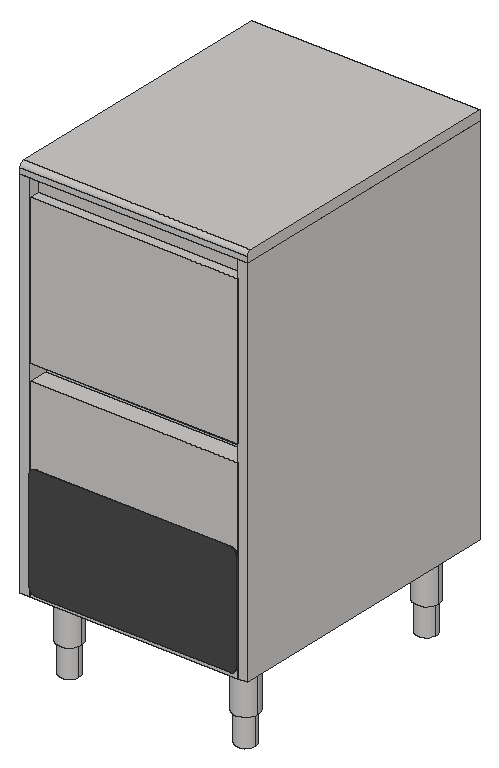
Revit family "QF_ELECTROLUXPROFESSIONAL_730332_ICC47I20SNP", category Attrezzature speciali, Revit 2018
Family settings
  Quota connettore circolare = Usa diametro
  Tipo di parte = Normale
  Basato su piano di lavoro = No
  Sempre verticale = Sì
  Taglio con vuoti quando caricato = No
  Condiviso = No
  Punto di calcolo locali = No
Parameters (values of type "Standard")
  Weight = 45.00 kg
  Watts = 0 W
  Volts = 220 V
  URL Manufacturer = "https://www.electroluxprofessional.com/"
  URL = "https://www.electroluxprofessional.com/"
  Steam Supply Size = 0 mm
  Steam Supply Minimum Pressure = 0.0 Pa
  Steam Supply Maximum Pressure = 0.0 Pa
  Steam Pounds per Hour = 0
  Show Logo [instance] = yes
  Show Clearance [instance] = yes
  Refrigeration Suction Line Size = 0 mm
  Refrigeration Liquid Line Size = 0 mm
  Refrigerant Compressor Remote = yes
  Produttore = "Electrolux Professional"
  Phase = 1
  Modello = "ICC47I20SNP"
  Length Actual = 465 mm  # constant formula
  Item Number = "730332"
  Hot Water Size = 0 mm
  Height Actual = 894 mm  # constant formula
  HP = "0 HP"
  Gas Size = 0 mm
  Gas KW = 0
  Gas Input Pressure = 0 W
  Descrizione = "WATER COOLED ICE CUBER 40GR 47KG/24H-BIN 20KG"
  Depth Actual = 595 mm  # constant formula
  Cycle = 50 Hz
  Condensate Return Size = 0 mm
  Compressed Air Volume = 0.0 L/s
  Compressed Air Size = 0 mm
  Compressed Air Pressure = 0.0 Pa
  Cold Water Size = 19.05 mm
  Accessory = yes
Reference planes
  plane 1 "Center X": y = 272.851
  plane 2: z = 0
  plane 3 "Center Y": x = -501.5
  plane 4 "LEFT": x = -734
  plane 5 "RIGHT": x = -269
  plane 6 "FRONT": y = -24.149
  plane 7 "BACK": y = 569.851
  plane 8: z = 155
  plane 9: z = 944
  plane 10: z = 924
  plane 11: x = -714
  plane 12: x = -289
  plane 13: y = 15.851
Forms (mm)
  Extrusion 1, solid, material "QF_Finishes_Black"
    sketch origin (-217.296, -24.149, 371.513) x (-1, 0, 0) y (0, 0, -1)
      loop
        arc (481.704, -21.487) -> (492.311, -17.093) -> (496.704, -6.487) r 15
        line (496.704, -6.487) -> (496.704, 194.469)
        arc (496.704, 194.469) -> (492.311, 205.075) -> (481.704, 209.469) r 15
        line (481.704, 209.469) -> (86.704, 209.469)
        arc (86.704, 209.469) -> (76.097, 205.075) -> (71.704, 194.469) r 15
        line (71.704, 194.469) -> (71.704, -6.487)
        arc (71.704, -6.487) -> (76.097, -17.093) -> (86.704, -21.487) r 15
        line (86.704, -21.487) -> (481.704, -21.487)
    from 0 to 2
  Extrusion 2, solid, material "QF_Finishes_Stainless Steel"
    sketch origin (-501.5, 0, 0) x (0, 1, 0) y (0, 0, 1)
      loop
        line (569.851, 924) -> (569.851, 944) -> (-14.149, 944)
        arc (-14.149, 944) -> (-21.22, 941.071) -> (-24.149, 934) r 10
        line (-24.149, 934) -> (-24.149, 924) -> (569.851, 924)
    from -232.5 to 232.5
  Extrusion 3, solid, material "QF_Finishes_Stainless Steel"
    sketch origin (-321.2, 569.851, -329.545) x (1, 0, 0) y (0, 0, -1)
      loop
        circle (-16.8, -655.545) r 10
    from 0 to 10
  Extrusion 4, solid, material "QF_Finishes_Stainless Steel"
    sketch origin (0, 0, 0) x (1, 0, 0) y (0, 1, 0)
      loop
        line (-734, 569.851) -> (-734, -24.149) -> (-714, -24.149) -> (-714, 569.851) -> (-734, 569.851)
    from 155 to 924
  Extrusion 5, solid, material "QF_Finishes_Stainless Steel"
    sketch origin (0, 0, 0) x (1, 0, 0) y (0, 1, 0)
      loop
        line (-289, 569.851) -> (-289, -24.149) -> (-269, -24.149) -> (-269, 569.851) -> (-289, 569.851)
    from 155 to 924
  Extrusion 6, solid, material "QF_Finishes_Stainless Steel"
    sketch origin (0, 0, 0) x (1, 0, 0) y (0, 1, 0)
      loop
        line (-714, 569.851) -> (-714, 15.851) -> (-289, 15.851) -> (-289, 569.851) -> (-714, 569.851)
    from 155 to 924
  Extrusion 7, solid, material "QF_Finishes_Stainless Steel"
    sketch origin (0, 0, 0) x (1, 0, 0) y (0, 1, 0)
      loop
        line (-714, -24.149) -> (-289, -24.149) -> (-289, 15.851) -> (-714, 15.851) -> (-714, -24.149)
    from 155 to 550.848
  Extrusion 8, solid, material "QF_Finishes_Stainless Steel"
    sketch origin (-501.5, 0, 0) x (0, 1, 0) y (0, 0, 1)
      loop
        line (15.851, 924) -> (-4.149, 924) -> (-4.149, 888) -> (-24.149, 888) -> (-24.149, 584.768) -> (-4.149, 584.768) -> (-4.149, 569) -> (15.851, 569) -> (15.851, 924)
    from -212.5 to 212.5
  Extrusion 9, solid, material "QF_Finishes_Stainless Steel"
    sketch origin (-303.2, 569.851, -440.545) x (1, 0, 0) y (0, 0, -1)
      loop
        circle (-16.8, -655.545) r 10
    from 0 to 10
  Extrusion 10, solid, material "QF_Finishes_Stainless Steel"
    sketch origin (-363.2, 569.851, -361.545) x (1, 0, 0) y (0, 0, -1)
      loop
        circle (-16.8, -655.545) r 10
    from 0 to 10
Lines and regions (mm)
  Split face 1
    outline origin (-501.5, -4.149, 924) x (0, 0, -1) y (1, 0, 0)
      loop
        line (5.715, 89.928) -> (30.715, 89.928) -> (30.715, 129.928) -> (5.715, 129.928) -> (5.715, 89.928)
  symbolic lines
    curve 1: line (-734, 569.851, 0) -> (-269, 569.851, 0)
    curve 2: line (-734, -24.149, 0) -> (-734, 569.851, 0)
    curve 3: line (-269, -24.149, 0) -> (-734, -24.149, 0)
    curve 4: line (-269, 569.851, 0) -> (-269, -24.149, 0)
Dimensions and locks
  equal spacing: plane 4 "LEFT", plane 3 "Center Y", plane 5 "RIGHT"
  plane 4 "LEFT" to plane 5 "RIGHT" = 465 mm
  equal spacing: plane 7 "BACK", plane 1 "Center X", plane 6 "FRONT"
  plane 7 "BACK" to plane 6 "FRONT" = 594 mm
  plane 8 to plane 2 = 155 mm
  plane 9 to plane 8 = 789 mm
  locked: plane 4 "LEFT" to plane 11 at 20
  locked: plane 12 to plane 5 "RIGHT" at 20
  locked: plane 9 to plane 10 at 20
  locked: plane 13 to plane 6 "FRONT" at 40
  aligned and locked: level to plane 2
  aligned and locked: plane 5 "RIGHT" to Extrusion 2
  aligned and locked: Extrusion 2 to plane 4 "LEFT"
  aligned and locked: Extrusion 4 sketch curve to Extrusion 2  (x2)
  aligned and locked: plane 6 "FRONT" to Extrusion 4 sketch curve
  aligned and locked: Extrusion 4 sketch curve to plane 11
  aligned and locked: Extrusion 5 sketch curve to plane 7 "BACK"
  aligned and locked: plane 12 to Extrusion 5 sketch curve
  aligned and locked: Extrusion 5 sketch curve to Extrusion 2  (x2)
  aligned and locked: plane 10 to Extrusion 4
  aligned and locked: plane 10 to Extrusion 5
  aligned and locked: Extrusion 4 to plane 8
  aligned and locked: Extrusion 5 to plane 8
  aligned and locked: Extrusion 6 sketch curve to Extrusion 4
  aligned and locked: Extrusion 4 to Extrusion 6 sketch curve
  aligned and locked: plane 13 to Extrusion 6 sketch curve
  aligned and locked: Extrusion 6 sketch curve to plane 12
  aligned and locked: plane 10 to Extrusion 6
  aligned and locked: Extrusion 6 to plane 8
  aligned and locked: Extrusion 4 to Extrusion 7 sketch curve
  aligned and locked: Extrusion 7 sketch curve to Extrusion 4
  aligned and locked: plane 13 to Extrusion 7 sketch curve
  aligned and locked: plane 12 to Extrusion 7 sketch curve
  aligned and locked: Extrusion 7 to plane 8
  aligned and locked: plane 12 to Extrusion 8
  aligned and locked: Extrusion 8 to plane 11
Automatic sketch dimensions
  curve 3 to plane 4 "LEFT" = 0 mm
  curve 3 to plane 5 "RIGHT" = 0 mm
  curve 3 to plane 6 "FRONT" = 0 mm
  curve 2 to plane 7 "BACK" = 0 mm
  Extrusion 1 sketch curve to plane 12 = 0 mm
  plane 8 to Extrusion 1 sketch curve = 7.044 mm
  Extrusion 1 sketch curve to Extrusion 1 sketch curve = 15 mm  (x3)
  plane 11 to Extrusion 1 sketch curve = 15 mm  (x2)
  Extrusion 1 sketch curve to Extrusion 1 sketch curve = 200.956 mm
  Extrusion 2 sketch curve to plane 6 "FRONT" = 0 mm
  Extrusion 2 sketch curve to plane 9 = 0 mm
  Extrusion 2 sketch curve to plane 7 "BACK" = 0 mm
  Extrusion 2 sketch curve to plane 10 = 0 mm
  plane 6 "FRONT" to Extrusion 2 sketch curve = 10 mm
  Extrusion 6 to Extrusion 3 sketch curve = 171 mm
  Extrusion 3 sketch curve to Extrusion 6 = 49 mm
  Extrusion 8 sketch curve to plane 6 "FRONT" = 0 mm
  Extrusion 8 sketch curve to plane 10 = 0 mm
  Extrusion 8 sketch curve to plane 13 = 0 mm
  plane 6 "FRONT" to Extrusion 8 sketch curve = 20 mm  (x2)
  Extrusion 8 sketch curve to plane 10 = 36 mm
  Extrusion 8 sketch curve to Extrusion 8 sketch curve = 303.232 mm
  Extrusion 8 sketch curve to Extrusion 8 sketch curve = 15.768 mm
  Split face 1 sketch curve to Extrusion 8 = 5.715 mm
  Extrusion 8 to Split face 1 sketch curve = 5.285 mm
  Split face 1 sketch curve to Extrusion 8 = 122.572 mm
  Split face 1 sketch curve to Split face 1 sketch curve = 40 mm
  Extrusion 9 sketch curve to Extrusion 6 = 31 mm
  Extrusion 6 to Extrusion 9 sketch curve = 60 mm
  Extrusion 10 sketch curve to Extrusion 6 = 91 mm
  Extrusion 6 to Extrusion 10 sketch curve = 139 mm
  radius of Extrusion 3 sketch curve = 10 mm
  radius of Extrusion 9 sketch curve = 10 mm
  radius of Extrusion 10 sketch curve = 10 mm
Nested families
  nested 1: "Foot_Complete" at (-682, 36.851, 0), type "Foot_Complete"
    with H 155 mm
  nested 2: "Foot_Complete" at (-321, 36.851, 0) x (-1, 0, 0) z (0, 0, 1), type "Foot_Complete"
    with H 155 mm
  nested 3: "Foot_Complete" at (-682, 498.851, 0), type "Foot_Complete"
    with H 155 mm
  nested 4: "Foot_Complete" at (-321, 498.851, 0) x (-1, 0, 0) z (0, 0, 1), type "Foot_Complete"
    with H 155 mm
Connectors
  electrical at (-320, 579.851, 215), driven by "Volts"
    settings: on Extrusion 9, index 1, voltage 220 V, apparent load 0 VA, apparent load phase1 0 VA, apparent load phase2 0 VA, apparent load phase3 0 VA, power factor 1, load classification "Altro", number of poles 1, system type 30, power factor state 1, is connector primary yes, connector utility no, sub classification motor no, connector description "Electrical Connection"
  piping at (-338, 579.851, 326), diameter 20
    settings: on Extrusion 3, index 2, connector inside diameter 609.6 mm, connector length 0 mm, flow factor 0, pipe flow 0.0 L/s, pressure drop 0.0 Pa, fitting loss kfactor 0, connector angle 0.00°, fixture units 0, engagement length 0 mm, angle of deflection 0.00°, flow configuration 0, flow direction 0, fitting loss method 0, system type 20, joint type 0, gender type 0, connector reference index -1, connector utility 0, adjustable connector no, is connector primary yes, connector description "Cold water"
  piping at (-380, 579.851, 294), diameter 20
    settings: on Extrusion 10, index 3, connector inside diameter 609.6 mm, connector length 0 mm, flow factor 0, pipe flow 0.0 L/s, pressure drop 0.0 Pa, fitting loss kfactor 0, connector angle 0.00°, fixture units 0, engagement length 0 mm, angle of deflection 0.00°, flow configuration 0, flow direction 0, fitting loss method 0, system type 16, joint type 0, gender type 0, connector reference index -1, connector utility 0, adjustable connector no, is connector primary no, connector description "Drain"
Definition of nested family "Foot_Complete"
  Parameters (values of type "Foot_Complete")
    R = 25 mm
    H = 153 mm
  Reference planes
    plane 1 "Centro (Fronte/Retro)": y = 0
    plane 2: z = 0
    plane 3 "Centro (Sinistra/Destra)": x = 0
    plane 4: z = 153
  Forms (mm)
    Revolve 1, solid
      sketch origin (255.05, 0, 608.09) x (0, 0, 1) y (-1, 0, 0)
        loop
          line (-608.09, 255.05) -> (-608.09, 235.05) -> (-548.09, 235.05) -> (-548.09, 230.05) -> (-455.09, 230.05) -> (-455.09, 255.05) -> (-608.09, 255.05)
        axis (-608.09, 255.05) -> (-455.09, 255.05)
      angle from 0 to 360
  Dimensions and locks
    level to Revolve 1 sketch curve = 60 mm
    "R": Revolve 1 sketch curve to plane 3 "Centro (Sinistra/Destra)"
    "H": plane 4 to level
    aligned and locked: level to plane 2
    aligned and locked: plane 4 to Revolve 1 sketch curve
    aligned and locked: Revolve 1 sketch curve to level
    aligned and locked: plane 3 "Centro (Sinistra/Destra)" to Revolve 1 sketch curve
  Automatic sketch dimensions
    Revolve 1 sketch curve to plane 3 "Centro (Sinistra/Destra)" = 0 mm
    plane 3 "Centro (Sinistra/Destra)" to Revolve 1 sketch curve = 20 mm
    Revolve 1 sketch curve to Revolve 1 sketch curve = 50 mm
    Revolve 1 sketch curve to Revolve 1 sketch curve = 20 mm
